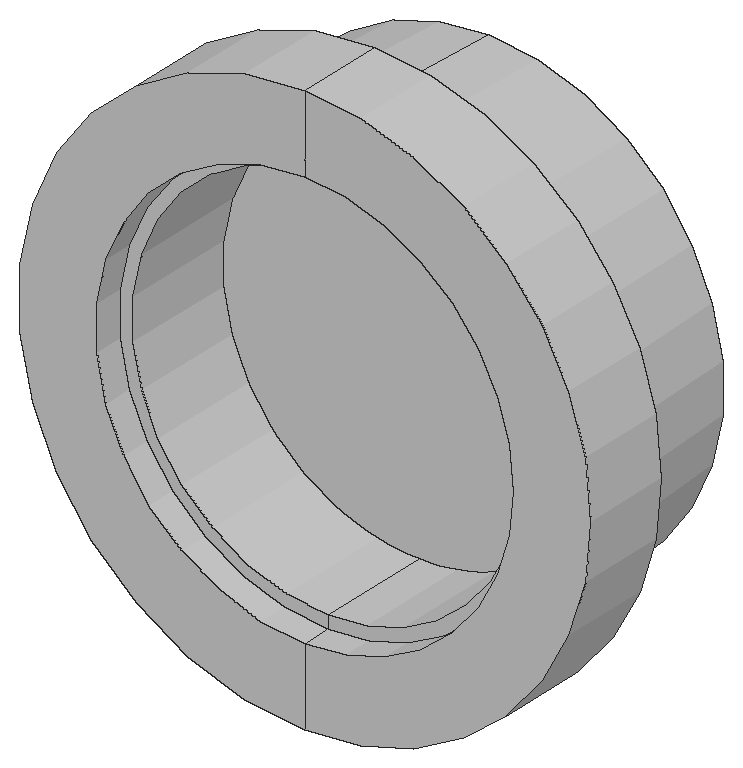
Revit family "КО РАШВОРК  арт.404", category Арматура трубопроводов, Revit 2021
Family settings
  Размер круглого соединителя = Использовать диаметр
  Тип детали = Клапан - Вставляется
  На основе рабочей плоскости = Нет
  Всегда вертикально = Нет
  При загрузке вырезать с полостями = Нет
  Общий = Нет
Parameters (values of type "Клапан обратный тарельчатый РАШВОРК 404-015-40, DN015 PN40, корпус - CF8M, диск - CF8M, уплотнение - CF8M, М/Ф")
  Отметка по умолчанию = 0 mm
  Материал тарелка = нерж.сталь CF8M
  Материал корпус = нерж.сталь CF8M
  Изготовитель = "ООО ТД \"РАШВОРК\""
  h = 2 mm
  URL = "https://rwru.ru/"
  Lфаск = 8 mm
  L1 = 6 mm
  L = 15.693 mm
  Hфаск = 16.4 mm
  HHH = 2 mm
  H = 4 mm
  D_2 = 19.5 mm
  DNсоед. = 15 mm
  DN_2 = 7.5 mm
  DDD = 13.365 mm
  D2_2 = 16 mm
  D1_2 = 14.25 mm
  ADSK_Примечание = ""
  ADSK_Наименование краткое = ""
  ADSK_Наименование = "Клапан обратный тарельчатый РАШВОРК 404-015-40, DN015 PN40, корпус - CF8M, диск - CF8M, уплотнение - CF8M, М/Ф"
  ADSK_Масса = 0.09
  ADSK_Код изделия = "404-015-40"
  ADSK_Завод-изготовитель = "ООО ТД \"РАШВОРК\""
  ADSK_Единица измерения = "шт"
Types (13, lengths in mm): name | h | Lфаск | L1 | L | Hфаск | H | D_2 | DNсоед. | DN_2 | DDD | D2_2 | D1_2 | ADSK_Наименование | ADSK_Масса | ADSK_Код изделия
  (no name) | 2 | 8 | 6 | 15.693 | 16.4 | 4 | 19.5 | 15 | 7.5 | 13.365 | 16 | 14.25 | "Клапан обратный тарельчатый РАШВОРК 404-015-40, DN015 PN40, корпус - CF8M, диск - CF8M, уплотнение - CF8M, М/Ф" | 0.09 | "404-015-40"
  Клапан обратный тарельчатый РАШВОРК 404-015-40, DN015 PN40, корпус - CF8M, диск - CF8M, уплотнение - CF8M, М/Ф | 2 | 8 | 6 | 15.693 | 16.4 | 4 | 19.5 | 15 | 7.5 | 13.365 | 16 | 14.25 | "Клапан обратный тарельчатый РАШВОРК 404-015-40, DN015 PN40, корпус - CF8M, диск - CF8M, уплотнение - CF8M, М/Ф" | 0.09 | "404-015-40"
  Клапан обратный тарельчатый РАШВОРК 404-200-40, DN200 PN40, корпус - CF8M, диск - CF8M, уплотнение - CF8M, М/Ф | 2 | 18 | 6 | 140 | 134 | 32 | 137 | 200 | 92.5 | 119 | 130.5 | 120 | "Клапан обратный тарельчатый РАШВОРК 404-200-40, DN200 PN40, корпус - CF8M, диск - CF8M, уплотнение - CF8M, М/Ф" | 16.1 | "404-200-40"
  Клапан обратный тарельчатый РАШВОРК 404-020-40, DN020 PN40, корпус - CF8M, диск - CF8M, уплотнение - CF8M, М/Ф | 2 | 8 | 6 | 19 | 21 | 3 | 23 | 20 | 10 | 17 | 20 | 18.1 | "Клапан обратный тарельчатый РАШВОРК 404-020-40, DN020 PN40, корпус - CF8M, диск - CF8M, уплотнение - CF8M, М/Ф" | 0.12 | "404-020-40"
  Клапан обратный тарельчатый РАШВОРК 404-025-40, DN025 PN40, корпус - CF8M, диск - CF8M, уплотнение - CF8M, М/Ф | 2 | 8 | 7 | 21 | 24 | 3 | 27 | 25 | 12.5 | 20 | 23 | 21.65 | "Клапан обратный тарельчатый РАШВОРК 404-025-40, DN025 PN40, корпус - CF8M, диск - CF8M, уплотнение - CF8M, М/Ф" | 0.16 | "404-025-40"
  Клапан обратный тарельчатый РАШВОРК 404-032-40, DN032 PN40, корпус - CF8M, диск - CF8M, уплотнение - CF8M, М/Ф | 4 | 8 | 7 | 27 | 32 | 3 | 35 | 32 | 16 | 25 | 30 | 28 | "Клапан обратный тарельчатый РАШВОРК 404-032-40, DN032 PN40, корпус - CF8M, диск - CF8M, уплотнение - CF8M, М/Ф" | 0.31 | "404-032-40"
  Клапан обратный тарельчатый РАШВОРК 404-040-40, DN040 PN40, корпус - CF8M, диск - CF8M, уплотнение - CF8M, М/Ф | 6 | 8 | 7 | 31 | 38 | 4 | 41.5 | 40 | 20 | 33 | 36 | 34.25 | "Клапан обратный тарельчатый РАШВОРК 404-040-40, DN040 PN40, корпус - CF8M, диск - CF8M, уплотнение - CF8M, М/Ф" | 0.43 | "404-040-40"
  Клапан обратный тарельчатый РАШВОРК 404-050-40, DN050 PN40, корпус - CF8M, диск - CF8M, уплотнение - CF8M, М/Ф | 8 | 8 | 8 | 40 | 44 | 4 | 48 | 50 | 24.5 | 39 | 42 | 40.25 | "Клапан обратный тарельчатый РАШВОРК 404-050-40, DN050 PN40, корпус - CF8M, диск - CF8M, уплотнение - CF8M, М/Ф" | 0.78 | "404-050-40"
  Клапан обратный тарельчатый РАШВОРК 404-065-40, DN065 PN40, корпус - CF8M, диск - CF8M, уплотнение - CF8M, М/Ф | 8 | 8 | 8 | 46 | 52.5 | 6 | 57.5 | 65 | 31 | 46 | 51.5 | 49.5 | "Клапан обратный тарельчатый РАШВОРК 404-065-40, DN065 PN40, корпус - CF8M, диск - CF8M, уплотнение - CF8M, М/Ф" | 1.03 | "404-065-40"
  Клапан обратный тарельчатый РАШВОРК 404-080-40, DN080 PN40, корпус - CF8M, диск - CF8M, уплотнение - CF8M, М/Ф | 11 | 10 | 10 | 50 | 62.5 | 6 | 67.5 | 80 | 31 | 57 | 61.5 | 58.5 | "Клапан обратный тарельчатый РАШВОРК 404-080-40, DN080 PN40, корпус - CF8M, диск - CF8M, уплотнение - CF8M, М/Ф" | 1.54 | "404-080-40"
  Клапан обратный тарельчатый РАШВОРК 404-100-40, DN100 PN40, корпус - CF8M, диск - CF8M, уплотнение - CF8M, М/Ф | 16 | 10 | 10 | 60 | 72.5 | 7 | 76.5 | 100 | 31 | 66 | 70 | 67.5 | "Клапан обратный тарельчатый РАШВОРК 404-100-40, DN100 PN40, корпус - CF8M, диск - CF8M, уплотнение - CF8M, М/Ф" | 2.25 | "404-100-40"
  Клапан обратный тарельчатый РАШВОРК 404-125-40, DN125 PN40, корпус - CF8M, диск - CF8M, уплотнение - CF8M, М/Ф | 16 | 15 | 12 | 90 | 90.5 | 12 | 93.5 | 125 | 59 | 74 | 88.5 | 80 | "Клапан обратный тарельчатый РАШВОРК 404-125-40, DN125 PN40, корпус - CF8M, диск - CF8M, уплотнение - CF8M, М/Ф" | 5.5 | "404-125-40"
  Клапан обратный тарельчатый РАШВОРК 404-150-40, DN150 PN40, корпус - CF8M, диск - CF8M, уплотнение - CF8M, М/Ф | 15 | 15 | 12 | 106 | 105.5 | 12 | 108.5 | 150 | 70 | 92 | 102.5 | 93.5 | "Клапан обратный тарельчатый РАШВОРК 404-150-40, DN150 PN40, корпус - CF8M, диск - CF8M, уплотнение - CF8M, М/Ф" | 8.3 | "404-150-40"
Reference planes
  plane 1 "По центру (Вперед/Назад)": y = 0
  plane 2: z = 0
  plane 3 "По центру (Влево/Вправо)": x = 0
  plane 4: y = 7.846
  plane 5: y = -7.846
  plane 6: z = 19.5
  plane 7: z = 16
  plane 8: z = 7.5
  plane 9: y = 3.846
  plane 10: y = -1.846
  plane 11: y = -5.846
  plane 12: y = 0.154
  plane 13: z = 16.4
  plane 14: z = 13.365
  plane 15: z = 14.25
  plane 16: y = 1.846
Forms (mm)
  Revolve 1, solid, material "нерж.сталь CF8M" <- "Материал корпус", detail levels medium+fine
    sketch origin (0, 0, 0) x (0, 1, 0) y (0, 0, 1)
      loop
        line (7.846, 7.5) -> (7.846, 16) -> (0.154, 16.4) -> (-1.846, 19.5) -> (-7.846, 19.5) -> (-7.846, 14.25) -> (-5.846, 14.25) -> (-5.846, 13.365) -> (3.846, 13.365) -> (3.846, 7.5) -> (7.846, 7.5)
      axis (7.846, 0) -> (-7.846, 0)
    angle from 0 to 360
  Extrusion 2, solid, material "нерж.сталь CF8M" <- "Материал тарелка", detail levels medium+fine
    sketch origin (0, 0, 0) x (1, 0, 0) y (0, 0, 1)
      loop
        circle (0, 0) r 13.365
    from -3.846 to -1.846
Dimensions and locks
  equal spacing: plane 4, plane 1 "По центру (Вперед/Назад)", plane 5
  "L": plane 4 to plane 5
  "D_2": plane 6 to level
  "D2_2": plane 7 to level
  "DN_2": plane 8 to level
  "L1": plane 10 to plane 5
  "h": plane 11 to plane 5
  "H": plane 4 to plane 9
  "Lфаск": plane 12 to plane 5
  "Hфаск": plane 13 to level
  "DDD": plane 14 to level
  "D1_2": plane 15 to level
  "HHH": plane 9 to plane 16
  "DDD": radius of Extrusion 2 sketch curve
  aligned and locked: level to plane 2
  aligned and locked: plane 15 to Revolve 1 sketch curve
  aligned and locked: plane 3 "По центру (Влево/Вправо)" to Extrusion 2 sketch curve
  aligned and locked: level to Extrusion 2 sketch curve
  aligned and locked: Extrusion 2 to plane 9
  aligned and locked: plane 16 to Extrusion 2
  aligned and locked: nested 1 to plane 3 "По центру (Влево/Вправо)"
  aligned and locked: plane 1 "По центру (Вперед/Назад)" to nested 1
Automatic sketch dimensions
  Revolve 1 sketch curve to level = 0 mm
  Revolve 1 sketch curve to plane 5 = 0 mm
  Revolve 1 sketch curve to plane 11 = 0 mm
  Revolve 1 sketch curve to plane 6 = 0 mm
  Revolve 1 sketch curve to plane 10 = 0 mm
  Revolve 1 sketch curve to plane 12 = 0 mm
  Revolve 1 sketch curve to plane 9 = 0 mm
  Revolve 1 sketch curve to plane 4 = 0 mm
  Revolve 1 sketch curve to plane 8 = 0 mm
  Revolve 1 sketch curve to plane 14 = 0 mm
  Revolve 1 sketch curve to plane 7 = 0 mm
  Revolve 1 sketch curve to plane 13 = 0 mm
  plane 5 to Revolve 1 sketch curve = 24.307 mm
  Revolve 1 sketch curve to plane 4 = 15 mm
Nested families
  nested 1: "УГО_КлапанОбратный" at (0, 0, 0) x (0, -1, 0) z (0, 0, 1), type "УГО_КлапанОбратный", detail levels coarse
Connectors
  piping at (0, 7.846, 0), diameter 15, driven by "DNсоед."
    settings: on Revolve 1, index 1, connector inside diameter 609.6 mm, connector length 0 mm, flow factor 0, pipe flow 0.0 L/s, pressure drop 0.0 Pa, fitting loss kfactor 0, connector angle 0.00°, fixture units 0, engagement length 0 mm, angle of deflection 0.00°, flow configuration 0, flow direction 0, fitting loss method 0, system type 7, joint type 0, gender type 0, connector reference index 2, connector utility 0, adjustable connector no, is connector primary yes, connector description ""
  piping at (0, -7.846, 0), diameter 15, driven by "DNсоед."
    settings: on Revolve 1, index 2, connector inside diameter 609.6 mm, connector length 0 mm, flow factor 0, pipe flow 0.0 L/s, pressure drop 0.0 Pa, fitting loss kfactor 0, connector angle 0.00°, fixture units 0, engagement length 0 mm, angle of deflection 0.00°, flow configuration 0, flow direction 0, fitting loss method 0, system type 7, joint type 0, gender type 0, connector reference index 1, connector utility 0, adjustable connector no, is connector primary no, connector description ""
